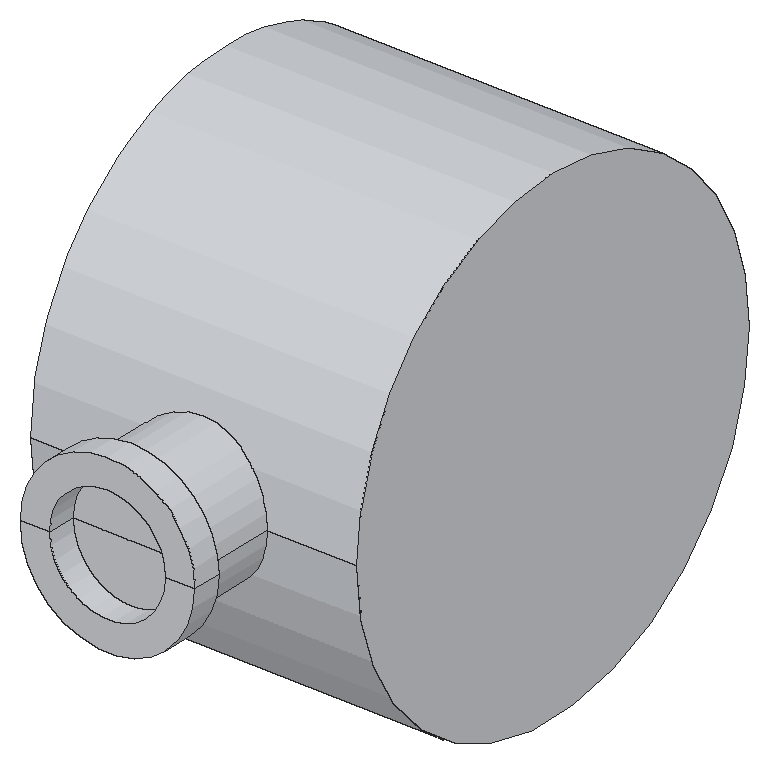
Revit family "CADS_AIRFLOWdev_AirTerminal_CondensationTrap", category Duct Accessories, Revit 2015
Parameters (values of type "150")
  WorkExecutionLevel = "N/A"
  WeeklyMaintenance = "N/A"
  WarrantyStartDate [instance] = "N/A"
  WarrantyPeriod = "2"
  WarrantyIdentifier = "N/A"
  WarrantyGuarantorParts = "info@airflow.com"
  WarrantyGuarantorLabor = "info@airflow.com"
  WarrantyGuarantor = "Airflow Developments Ltd"
  WarrantyEndDate [instance] = "N/A"
  WarrantyContent = "Replacement of part if faulty"
  Uniclass2015 = "Pr_65_70_46_01"
  TotalSurfaceArea [instance] = 22500.00 m²
  TapDia = 40 mm  # constant formula
  TagNumber [instance] = "N/A"
  Status [instance] = "New"
  Size = "150 x 150 x 112"
  ShippingWeight = 0.03 kg
  Shape = "Round"
  ServiceLifeType = "EXPECTEDSERVICELIFE"
  ServiceLifeDuration = "10"
  SerialNumber [instance] = "N/A"
  ReplacementCost = "39.756"
  QuarterlyMaintenance = "N/A"
  QualityOfComponents = "N/A"
  ProductionYear = "2017"
  ProductLiterature = "N/A"
  PointOfContact = "Airflow Developments Ltd"
  Perimeter [instance] = 600 mm
  OutdoorEnviornment = "N/A"
  OperationAndMaintenanceManual = "N/A"
  NumberOfSlots = 0
  NominalWidth = 150 mm
  NominalLength = 150 mm
  NominalHeight = 112 mm
  NBSCode = "90-75-50/370 Air terminals;"
  MountingType = "SURFACE"
  MonthlyMaintenance = "N/A"
  ModelReference = "52364801"
  ModelLabel = "150mm condensation trap"
  MeanTimeBetweenFailure = "N/A"
  Material = "Plastic"
  ManufacturerWebsite = "www.airflow.com"
  ManufacturerTelephone = "01494 525252"
  ManufacturerE-Mail = "info@airflow.com"
  ManufacturerAddress = "Aidelle House\nLancaster Road\nCressex Business Park\nHigh Wycombe\nBucks\nHP123QP"
  Manufacturer = "Airflow Developments Ltd"
  MaintenanceRequired8001to12000hrs = "N/A"
  MaintenanceRequired601to1000hrs = "N/A"
  MaintenanceRequired4001to8000hrs = "N/A"
  MaintenanceRequired301to600hrs = "N/A"
  MaintenanceRequired2001to4000hrs = "N/A"
  MaintenanceRequired1001to2000hrs = "N/A"
  MaintenanceRequired0to300hrs = "N/A"
  MaintenanceLevel = "N/A"
  IsExtendedWarranty = no
  IndoorEnviornment = "N/A"
  InUseConditions = "N/A"
  ISO90001 = yes
  ISO140001 = yes
  HasThermalInsulation = no
  HasSoundAttenuator = no
  HasIntegralControl = no
  GrossWeight = 0.025 kg
  Grade = "Virgin"
  GlobalTradeItemNumber = "N/A"
  FlowControlType = "NONE"
  Features [instance] = "150mm condensation trap"
  FaceType = "LOUVERED"
  F = 40 mm
  Exclusions = "Incorrect Use / Incorrect Installation / Installed by a non-accredited electrician. Customer abuse."
  E = 37 mm
  DurationUnit = "Years"
  Dia = 150 mm
  DesignLevel = "N/A"
  Description = "150mm condensation trap"
  DailyMaintenance = "N/A"
  D = 70 mm
  Constituents = "Grey"
  Color = "Grey"
  CodePerformance = "N/A"
  CEApproval = yes
  C = 112 mm
  BespokeTimeFrameMaintenance = "N/A"
  B = 160 mm
  AssetType = "Fixed"
  AssetIdentifier [instance] = "N/A"
  AssemblyPlace = "N/A"
  AnnualMaintenance = "N/A"
  AirflowRateRange = "0-61"
  AccessibilityPerformance = "N/A"
  A = 168 mm
  6MonthlyMaintenance = "Visually inspect system, clean the fan and ducting if necessary"
Types (2, lengths in mm): name | TotalSurfaceArea | Size | ShippingWeight | ReplacementCost | Perimeter | NominalWidth | NominalLength | NominalHeight | ModelReference | ModelLabel | GrossWeight | Features | Dia | Description | D | C | B | A
  100 | 10000.00 m² | "100 x 100 x 82" | 0.018 kg | "25.44" | 400 | 100 | 100 | 82 | "51978301" | "100mm condensation trap" | 0.015 kg | "100mm condensation trap" | 100 | "100mm condensation trap" | 52 | 83 | 110 | 117
  150 | 22500.00 m² | "150 x 150 x 112" | 0.03 kg | "39.756" | 600 | 150 | 150 | 112 | "52364801" | "150mm condensation trap" | 0.025 kg | "150mm condensation trap" | 150 | "150mm condensation trap" | 70 | 112 | 160 | 168
Reference planes
  plane 1 "Center (Front/Back)": y = 0
  plane 2: z = 0
  plane 3 "Center (Left/Right)": x = 0
  plane 4 "Left": x = -56
  plane 5 "Right": x = 56
  plane 6: y = 84
  plane 7: y = -84
  plane 8: x = -25
  plane 9: x = 25
  plane 10 "tap": y = -121
  plane 11: y = -111
  plane 12: x = -30
  plane 13: x = -20
  plane 14: x = 20
  plane 15: x = 30
Forms (mm)
  Extrusion 1, solid
    sketch origin (-56, 0, 0) x (0, 1, 0) y (0, 0, 1)
      loop
        circle (0, 0) r 84
    from 0 to 112
  Revolve 2, solid
    sketch origin (0, 0, 0) x (1, 0, 0) y (0, 1, 0)
      loop
        line (-25, 0) -> (-25, -111) -> (-30, -111) -> (-30, -121) -> (-20, -121) -> (-20, -111) -> (0, -111) -> (0, 0) -> (-25, 0)
      axis (0, 0) -> (0, -121)
    angle from 0 to 360
Cuts and joins
  joined: Extrusion 1, Revolve 2
Dimensions and locks
  equal spacing: plane 4 "Left", plane 3 "Center (Left/Right)", plane 5 "Right"
  equal spacing: plane 6, plane 1 "Center (Front/Back)", plane 7
  "A": plane 6 to plane 7
  "C": plane 4 "Left" to plane 5 "Right"
  equal spacing: plane 8, plane 3 "Center (Left/Right)", plane 9
  locked: plane 7 to plane 10 "tap" at 37
  equal spacing: plane 13, plane 3 "Center (Left/Right)", plane 14
  equal spacing: plane 12, plane 3 "Center (Left/Right)", plane 15
  "TapDia": plane 13 to plane 14
  locked: plane 8 to plane 13 at 5
  locked: plane 12 to plane 8 at 5
  locked: plane 11 to plane 10 "tap" at 10
  "A": diameter of Extrusion 1 sketch curve
  aligned and locked: level to plane 2
  aligned and locked: plane 5 "Right" to Extrusion 1
  aligned and locked: Revolve 2 sketch curve to plane 3 "Center (Left/Right)"
Automatic sketch dimensions
  Revolve 2 sketch curve to plane 10 "tap" = 0 mm
  Revolve 2 sketch curve to plane 12 = 0 mm
  Revolve 2 sketch curve to plane 8 = 0 mm
  Revolve 2 sketch curve to plane 11 = 0 mm  (x2)
  Revolve 2 sketch curve to plane 13 = 0 mm
  Revolve 2 sketch curve to plane 3 "Center (Left/Right)" = 0 mm
  plane 1 "Center (Front/Back)" to Revolve 2 sketch curve = 0 mm
  Revolve 2 sketch curve to plane 10 "tap" = 1925 mm
  plane 6 to Revolve 2 sketch curve = 1960 mm
  Extrusion 1 sketch curve to level = 0 mm
  Extrusion 1 sketch curve to plane 1 "Center (Front/Back)" = 0 mm
Connectors
  hvac at (-56, 0, 0), driven by "Dia"
    settings: on cut or joined group of Extrusion 1, Revolve 2, index 1, duct flow 0.0 L/s, flow factor 0, pres drop 0.0 Pa, loss coef 0, conn angle 0.00°, conn width 304.8 mm, conn height 304.8 mm, conn diameter 150 mm, duct sys type 1, conn prof type 0, flow config 0, flow direction 0, loss method 0, conn ref index -1, conn util no, is conn primary yes, conn desc ""
  hvac at (56, 0, 0), driven by "Dia"
    settings: on cut or joined group of Extrusion 1, Revolve 2, index 2, duct flow 0.0 L/s, flow factor 0, pres drop 0.0 Pa, loss coef 0, conn angle 0.00°, conn width 304.8 mm, conn height 304.8 mm, conn diameter 150 mm, duct sys type 1, conn prof type 0, flow config 0, flow direction 0, loss method 0, conn ref index -1, conn util no, is conn primary no, conn desc ""
  hvac at (0, -111, 0), driven by "TapDia"
    settings: on cut or joined group of Extrusion 1, Revolve 2, index 3, duct flow 0.0 L/s, flow factor 0, pres drop 0.0 Pa, loss coef 0, conn angle 0.00°, conn width 304.8 mm, conn height 304.8 mm, conn diameter 40 mm, duct sys type 1, conn prof type 0, flow config 0, flow direction 0, loss method 0, conn ref index -1, conn util no, is conn primary no, conn desc ""
